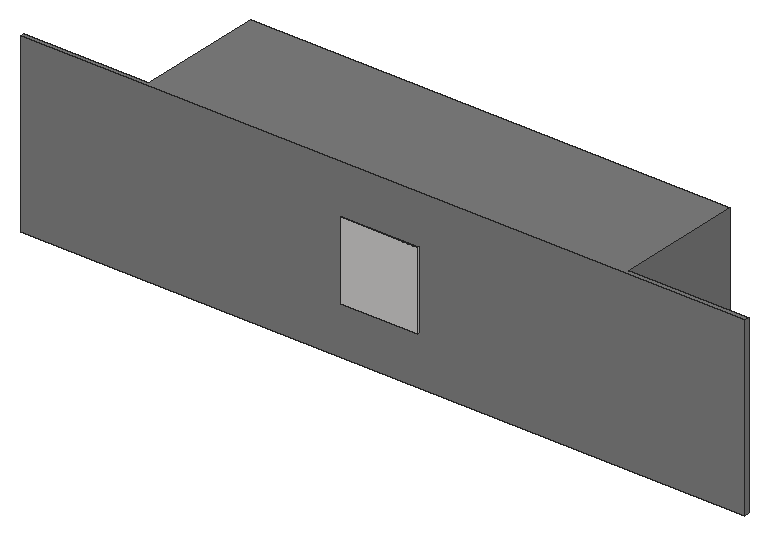
Revit family "200", category Generic Models, Revit 2021
Family settings
  Can host rebar = No
  Round Connector Dimension = Use Diameter
  Part Type = Normal
  Work Plane-Based = No
  Always vertical = Yes
  Cut with Voids When Loaded = No
  Shared = No
  Room Calculation Point = No
Parameters (values of type "Standard")
  e-mail = "info@vola.com"
  URL = "http://vola.com"
  Telephone = "+45 7023 5500"
  Quality management standard = "ISO 9001"
  Organisation no. / DUNS no. = "17531328"
  Occupational health and safety management standard = "ISO 18001"
  Mounting Instructions = "http://vola.com/service/producturl.ashx?name=200"
  Model = "200"
  Materials and components information = "http://vola.com/service/producturl.ashx?name=200"
  Manufacturer = "VOLA A/S"
  Maintenance Instructions = "http://vola.com/service/producturl.ashx?name=200"
  Guarantee = "2 years"
  Flow = "18,00 l/min"
  Environmental management standard = "ISO 14000"
  Default Elevation = 0.00 mm
  Connection - All relevant connections = ""
  Approvals = "http://vola.com/service/producturl.ashx?name=200"
Reference planes
  plane 1 "Center (Front/Back)": y = 0
  plane 2: z = 0
  plane 3 "Center (Left/Right)": x = 0
  plane 4 "Front Plane": y = -72.2
  plane 5 "Inlet Center Plane": y = -26
  plane 6: z = 70
Forms (mm)
  Extrusion 1, solid, material "Stainless Steel"
    sketch origin (1071.5, -3.5, 1) x (-1, 0, 0) y (0, 0, -1)
      loop
        line (1092.5, -90) -> (1092.5, -48) -> (1050.5, -48) -> (1050.5, -90) -> (1092.5, -90)
    from 68 to 68.7
  Extrusion 2, solid, material "Default"
    sketch origin (0, -1, 1) x (1, 0, 0) y (0, 1, 0)
      loop
        line (-127.5, 1) -> (-127.5, -68) -> (132.5, -68) -> (132.5, 1) -> (-127.5, 1)
    from 21.5 to 116.5
  Extrusion 3, solid, material "Stainless Steel"
    sketch origin (0, -1, 22.5) x (0, 1, 0) y (1, 0, 0)
      loop
        circle (-25, 27) r 14
    from 0 to 22.5
  Extrusion 4, solid, material "Stainless Steel"
    sketch origin (-54, -1, 22.5) x (0, 1, 0) y (1, 0, 0)
      loop
        circle (-25, 27) r 14
    from 0 to 22.5
  Extrusion 5, solid, material "Default"
    sketch origin (0, -1, 1) x (1, 0, 0) y (0, 1, 0)
      loop
        line (-195, -68) -> (-195, -70.5) -> (197.5, -70.5) -> (197.5, -68) -> (-195, -68)
    from 21.5 to 116.5
Cuts and joins
  joined: Extrusion 2, Extrusion 5
Lines and regions (mm)
  reference lines
    curve 1: line (0, -26, 70) -> (0, -123.5, 70)
    curve 2: line (-27, -26, 70) -> (-27, -26, -29)
    curve 3: line (27, -26, 70) -> (27, -26, -29)
Dimensions and locks
  aligned and locked: plane 2 to level
  aligned and locked: plane 6 to curve 3
  aligned and locked: plane 6 to curve 2
  aligned and locked: Extrusion 2 to Extrusion 5
  aligned and locked: Extrusion 5 to Extrusion 2
